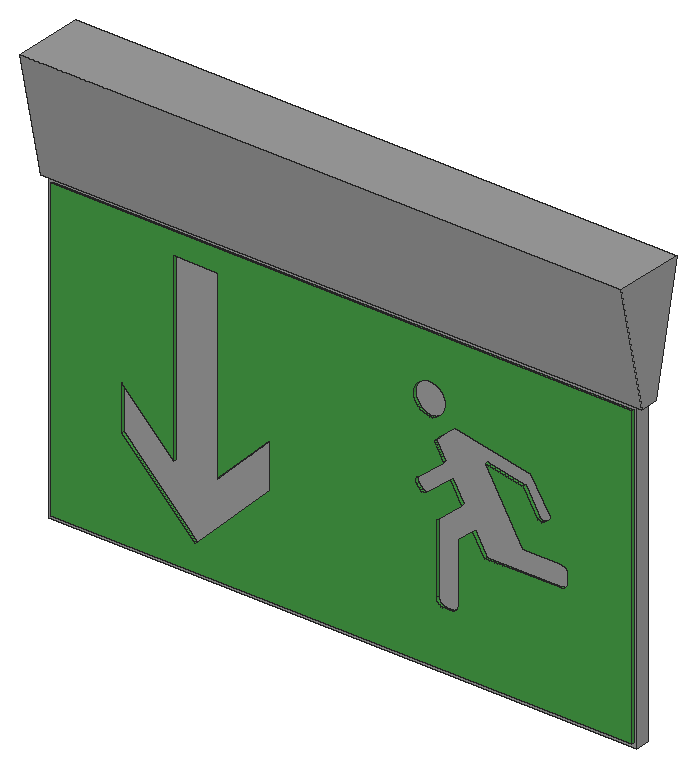
Revit family "ExiLED M ST LED (ned_takmontasje)", category Lighting Fixtures, Revit 2013
Parameters (values of type "44m")
  Width Top = 53 mm
  Width = 10 mm
  Wattage Comments = "17 W"
  Wattage = 9.2903 W
  built-in parameter 1150110 = 1 (stored number, unit not read)
  Voltage = 230 V
  URL = ""
  built-in parameter 1114217 = 1 (stored number, unit not read)
  Tilt Angle = 90.00°
  built-in parameter 1150109 = 1 (stored number, unit not read)
  built-in parameter 1150134 = 3
  Symbol Positive Direction [instance] = yes
  Symbol Offset Side [instance] = 0 mm
  Symbol Offset Out [instance] = 0 mm
  built-in parameter 1150113 = 1 (stored number, unit not read)
  Reference Line Out [instance] = 31.983 mm
  Photometric Web File = "20x42A12.ies"
  Number of Poles = 1
  built-in parameter 1150105 = 109.82 (stored number, unit not read)
  Lumens = 1380 lm
  built-in parameter 1150115 = 1 (stored number, unit not read)
  Load Classification [instance] = Other
  Model = ""
  Manufacturer = ""
  built-in parameter 1150137 = (empty or 0)
  built-in parameter 1150139 = (empty or 0)
  Length = 455 mm
  built-in parameter 1150112 = 1 (stored number, unit not read)
  built-in parameter 1150114 = 1 (stored number, unit not read)
  Lamp = "1"
  built-in parameter 1150132 = (empty or 0)
  built-in parameter 1150102 = (empty or 0)
  built-in parameter 1150107 = 3200 (stored number, unit not read)
  built-in parameter 1150138 = (empty or 0)
  built-in parameter 1150106 = 1.0982 (stored number, unit not read)
  Height 1 = 232 mm
  Height = 322 mm
  built-in parameter 1150127 = Width  # 10 mm
  Emit from Rectangle Length = Length  # 455 mm
  Emit Shape Visible in Rendering = no
  built-in parameter 1150104 = 13.8 (stored number, unit not read)
  Dimming Lamp Color Temperature Shift = <None>
  Description = ""
  Color Filter = 16777215
  Body Material and Colour = Default
  built-in parameter 1114218 = 1 (stored number, unit not read)
  Emit from Rectangle Width = 3048 mm
  Assembly Code = ""
  Apparent Load = 17 VA
  44m = yes
  34m = no
  22m = no
Types (3, lengths in mm): name | Length | Height 1 | Height | Emit from Rectangle Length | 44m | 34m | 22m
  22m | 265 | 132 | 222 | 265 | no | no | yes
  34 m | 365 | 182 | 272 | 365 | no | yes | no
  44m | 455 | 232 | 322 | 455 | yes | no | no
Reference planes
  plane 1 "Light Source Axis (F/B)": y = 119.961
  plane 2 "Top": z = 83
  plane 3 "Light Source Axis (L/R)": x = 0
  plane 4 "Level": z = 0
  plane 5 "Bottom": z = -322
  plane 6: x = -227.5
  plane 7: x = 227.5
  plane 8: y = 124.961
  plane 9: y = 114.961
  plane 10: y = 126.961
  plane 11: y = 112.961
  plane 12: z = -90
  plane 13: y = 146.461
  plane 14: y = 93.461
  plane 15: x = -222.5
  plane 16: x = 222.5
  plane 17: z = -206
Forms (mm)
  Extrusion 1, solid, material "Default" <- "Body Material and Colour"
    sketch origin (0, 0, 0) x (0, 1, 0) y (0, 0, 1)
      loop
        line (124.961, -90) -> (114.961, -90) -> (114.961, -322) -> (124.961, -322) -> (124.961, -90)
    from -222.5 to 222.5
  Extrusion 2, solid, material "Default" <- "Body Material and Colour"
    sketch origin (0, 0, 0) x (0, 1, 0) y (0, 0, 1)
      loop
        line (93.461, 0) -> (112.961, -90) -> (126.961, -90) -> (146.461, 0) -> (93.461, 0)
    from -227.5 to 227.5
Lines and regions (mm)
  model lines, style "InvisibleLines"
    curve 1: line (0, 119.961, 0) -> (0, 151.943, 0)
Dimensions and locks
  "Height": plane 4 "Level" to plane 5 "Bottom"
  equal spacing: plane 6, plane 3 "Light Source Axis (L/R)", plane 7
  "Length": plane 6 to plane 7
  equal spacing: plane 8, plane 1 "Light Source Axis (F/B)", plane 9
  "Width": plane 8 to plane 9
  locked: plane 10 to plane 8 at 2
  locked: plane 9 to plane 11 at 2
  equal spacing: plane 13, plane 1 "Light Source Axis (F/B)", plane 14
  "Width Top": plane 13 to plane 14
  locked: plane 15 to plane 6 at 5
  locked: plane 7 to plane 16 at 5
  "Height 1": plane 12 to plane 5 "Bottom"
  equal spacing: plane 12, plane 17, plane 5 "Bottom"
  "Reference Line Out": plane 1 "Light Source Axis (F/B)" to curve 1
  aligned and locked: plane 4 "Level" to level
  aligned and locked: imposter light to plane 5 "Bottom"
  aligned and locked: plane 9 to Extrusion 1 sketch curve
  aligned and locked: plane 8 to Extrusion 1 sketch curve
  aligned and locked: Extrusion 1 sketch curve to plane 12
  aligned and locked: plane 4 "Level" to Extrusion 2 sketch curve
  aligned and locked: plane 12 to Extrusion 2 sketch curve
  aligned and locked: plane 13 to Extrusion 2 sketch curve
  aligned and locked: plane 14 to Extrusion 2 sketch curve
  aligned and locked: plane 11 to Extrusion 2 sketch curve
  aligned and locked: plane 10 to Extrusion 2 sketch curve
  aligned and locked: Extrusion 2 to plane 6
  aligned and locked: plane 7 to Extrusion 2
  aligned and locked: Extrusion 1 to plane 15
  aligned and locked: Extrusion 1 to plane 16
  aligned and locked: Extrusion 1 to plane 8
  aligned and locked: plane 9 to nested 1
  aligned and locked: plane 17 to nested 1
  aligned and locked: plane 3 "Light Source Axis (L/R)" to nested 1
  aligned and locked: plane 9 to nested 3
  aligned and locked: plane 17 to nested 3
  aligned and locked: nested 3 to plane 3 "Light Source Axis (L/R)"
  aligned and locked: plane 3 "Light Source Axis (L/R)" to nested 4
  aligned and locked: plane 9 to nested 4
  aligned and locked: plane 17 to nested 4
  aligned and locked: plane 8 to nested 5
  aligned and locked: plane 8 to nested 6
  aligned and locked: nested 5 to plane 17
  aligned and locked: nested 6 to plane 17
  aligned and locked: plane 3 "Light Source Axis (L/R)" to nested 7
  aligned and locked: plane 1 "Light Source Axis (F/B)" to nested 7
  aligned and locked: plane 1 "Light Source Axis (F/B)" to curve 1
  aligned and locked: plane 3 "Light Source Axis (L/R)" to curve 1
Automatic sketch dimensions
  Extrusion 1 sketch curve to plane 5 "Bottom" = 0 mm
Nested families
  nested 1: "22m_ned" at (0, 114.961, -206), visible <- "22m", type "22m"
  nested 2: "22m_ned" at (0, 124.961, -156), visible <- "22m", type "22m"
  nested 3: "34m_ned" at (0, 114.961, -206), visible <- "34m", type "34m"
  nested 4: "44m_ned" at (0, 114.961, -206), visible <- "44m", type "44m"
  nested 5: "44m_ned" at (0, 124.961, -206), visible <- "44m", type "44m"
  nested 6: "34m_ned" at (0, 124.961, -206), visible <- "34m", type "34m"
  nested 7: "MarkeringslysTakS" at (0, 119.961, 0), type "Type 1"
Connectors
  electrical at (0, 119.961, 0), driven by "Number of Poles", driven by "Load Classification", driven by "Voltage", driven by "Apparent Load"
    settings: on Extrusion 2, index 1, voltage 230 V, apparent load 0 VA, apparent load phase1 17 VA, apparent load phase2 0 VA, apparent load phase3 0 VA, power factor 1, load classification "Other", number of poles 1, system type 31, power factor state 1, is connector primary yes, connector utility no, sub classification motor no, connector description ""
Definition of nested family "22m_ned"
  Parameters (values of type "22m")
    Material = yes
  Reference planes
    plane 1 "Center (Front/Back)": y = 0
    plane 2: z = 0
    plane 3 "Center (Left/Right)": x = 0
    plane 4: y = -2
  Forms (mm)
    Extrusion 1, solid, material "Green", visible <- "Material"
      sketch origin (0, 0, 0) x (1, 0, 0) y (0, 0, 1)
        loop
          line (-124.5, 63) -> (-124.5, -63) -> (124.5, -63) -> (124.5, 63) -> (-124.5, 63)
        loop
          line (-31.706, -20.589) -> (-31.706, -2.589) -> (-52.706, -23.589) -> (-52.706, 51.411) -> (-70.706, 51.411) -> (-70.706, -23.589) -> (-91.706, -2.589) -> (-91.706, -20.589) -> (-61.706, -50.589) -> (-31.706, -20.589)
        loop
          circle (38.787, 37.911) r 7
        loop
          line (44.52, 25.598) -> (40.87, 21.947) -> (44.963, 14.858) -> (33.34, 5.106)
          arc (33.34, 5.106) -> (32.655, 3.789) -> (33.101, 2.374) r 1.939
          line (33.101, 2.374) -> (34.763, 0.393)
          arc (34.763, 0.393) -> (36.08, -0.292) -> (37.495, 0.154) r 1.939
          line (37.495, 0.154) -> (48.244, 9.174) -> (53.167, 0.649) -> (41.876, -8.825) -> (41.876, -39.679)
          arc (41.876, -39.679) -> (42.823, -41.964) -> (45.108, -42.911) r 3.232
          line (45.108, -42.911) -> (48.339, -42.911)
          arc (48.339, -42.911) -> (50.624, -41.964) -> (51.571, -39.679) r 3.232
          line (51.571, -39.679) -> (51.571, -13.346) -> (58.089, -7.877) -> (63.252, -16.82) -> (96.814, -16.82)
          arc (96.814, -16.82) -> (99.099, -15.873) -> (100.046, -13.588) r 3.232
          line (100.046, -13.588) -> (100.046, -10.356)
          arc (100.046, -10.356) -> (99.099, -8.071) -> (96.814, -7.125) r 3.232
          line (96.814, -7.125) -> (80.044, -7.125) -> (63.768, 21.066) -> (80.585, 17.791) -> (86.643, 7.3)
          arc (86.643, 7.3) -> (87.869, 6.384) -> (89.378, 6.643) r 1.939
          line (89.378, 6.643) -> (91.617, 8.097)
          arc (91.617, 8.097) -> (92.458, 9.32) -> (92.187, 10.78) r 1.939
          line (92.187, 10.78) -> (83.759, 23.758) -> (50.131, 30.306) -> (44.52, 25.598)
      from 0 to 2
  Dimensions and locks
    aligned and locked: level to plane 2
    aligned and locked: plane 4 to Extrusion 1
    aligned and locked: Extrusion 1 to plane 1 "Center (Front/Back)"
    aligned and locked: Extrusion 1 to plane 4
Definition of nested family "34m_ned"
  Parameters (values of type "34m")
    Material = yes
  Reference planes
    plane 1 "Center (Front/Back)": y = 0
    plane 2: z = 0
    plane 3 "Center (Left/Right)": x = 0
    plane 4: y = -2
  Forms (mm)
    Extrusion 1, solid, material "Green", visible <- "Material"
      sketch origin (0, 0, 0) x (1, 0, 0) y (0, 0, 1)
        loop
          line (-177, 88) -> (-177, -88) -> (177, -88) -> (177, 88) -> (-177, 88)
        loop
          line (-46.079, -26.908) -> (-46.079, -1.456) -> (-75.774, -31.15) -> (-75.774, 74.902) -> (-101.226, 74.902) -> (-101.226, -31.15) -> (-130.921, -1.456) -> (-130.921, -26.908) -> (-88.5, -69.329) -> (-46.079, -26.908)
        loop
          circle (59.197, 48.678) r 8.988
        loop
          line (66.559, 32.868) -> (61.872, 28.181) -> (67.127, 19.078) -> (52.204, 6.556)
          arc (52.204, 6.556) -> (51.324, 4.865) -> (51.897, 3.048) r 2.49
          line (51.897, 3.048) -> (54.031, 0.505)
          arc (54.031, 0.505) -> (55.721, -0.375) -> (57.538, 0.198) r 2.49
          line (57.538, 0.198) -> (71.341, 11.78) -> (77.661, 0.833) -> (63.164, -11.332) -> (63.164, -50.949)
          arc (63.164, -50.949) -> (64.379, -53.883) -> (67.313, -55.098) r 4.149
          line (67.313, -55.098) -> (71.463, -55.098)
          arc (71.463, -55.098) -> (74.397, -53.883) -> (75.612, -50.949) r 4.149
          line (75.612, -50.949) -> (75.612, -17.137) -> (83.981, -10.114) -> (90.611, -21.597) -> (133.705, -21.597)
          arc (133.705, -21.597) -> (136.639, -20.381) -> (137.855, -17.447) r 4.149
          line (137.855, -17.447) -> (137.855, -13.298)
          arc (137.855, -13.298) -> (136.639, -10.364) -> (133.705, -9.148) r 4.149
          line (133.705, -9.148) -> (112.172, -9.148) -> (91.274, 27.049) -> (112.867, 22.844) -> (120.645, 9.373)
          arc (120.645, 9.373) -> (122.22, 8.197) -> (124.157, 8.53) r 2.49
          line (124.157, 8.53) -> (127.032, 10.397)
          arc (127.032, 10.397) -> (128.111, 11.967) -> (127.764, 13.841) r 2.49
          line (127.764, 13.841) -> (116.942, 30.506) -> (73.764, 38.913) -> (66.559, 32.868)
      from 0 to 2
  Dimensions and locks
    aligned and locked: level to plane 2
    aligned and locked: plane 4 to Extrusion 1
    aligned and locked: Extrusion 1 to plane 1 "Center (Front/Back)"
    aligned and locked: Extrusion 1 to plane 4
Definition of nested family "44m_ned"
  Parameters (values of type "44m")
    Material = yes
  Reference planes
    plane 1 "Center (Front/Back)": y = 0
    plane 2: z = 0
    plane 3 "Center (Left/Right)": x = 0
    plane 4: y = -2
  Forms (mm)
    Extrusion 1, solid, material "Green", visible <- "Material"
      sketch origin (0, 0, 0) x (1, 0, 0) y (0, 0, 1)
        loop
          line (-220, 113) -> (-220, -113) -> (220, -113) -> (220, 113) -> (-220, 113)
        loop
          line (-54.118, -37.314) -> (-54.118, -3.785) -> (-93.235, -42.902) -> (-93.235, 96.803) -> (-126.765, 96.803) -> (-126.765, -42.902) -> (-165.882, -3.785) -> (-165.882, -37.314) -> (-110, -93.197) -> (-54.118, -37.314)
        loop
          circle (67.228, 67.449) r 11.972
        loop
          line (77.034, 46.391) -> (70.791, 40.147) -> (77.791, 28.022) -> (57.913, 11.343)
          arc (57.913, 11.343) -> (56.741, 9.091) -> (57.504, 6.671) r 3.316
          line (57.504, 6.671) -> (60.347, 3.284)
          arc (60.347, 3.284) -> (62.598, 2.112) -> (65.019, 2.875) r 3.316
          line (65.019, 2.875) -> (83.403, 18.301) -> (91.822, 3.72) -> (72.512, -12.483) -> (72.512, -65.252)
          arc (72.512, -65.252) -> (74.13, -69.16) -> (78.039, -70.779) r 5.527
          line (78.039, -70.779) -> (83.566, -70.779)
          arc (83.566, -70.779) -> (87.474, -69.16) -> (89.093, -65.252) r 5.527
          line (89.093, -65.252) -> (89.093, -20.215) -> (100.24, -10.861) -> (109.071, -26.156) -> (166.471, -26.156)
          arc (166.471, -26.156) -> (170.38, -24.537) -> (171.998, -20.629) r 5.527
          line (171.998, -20.629) -> (171.998, -15.102)
          arc (171.998, -15.102) -> (170.38, -11.193) -> (166.471, -9.575) r 5.527
          line (166.471, -9.575) -> (137.79, -9.575) -> (109.954, 38.64) -> (138.715, 33.039) -> (149.075, 15.096)
          arc (149.075, 15.096) -> (151.173, 13.529) -> (153.753, 13.972) r 3.316
          line (153.753, 13.972) -> (157.583, 16.459)
          arc (157.583, 16.459) -> (159.021, 18.551) -> (158.558, 21.047) r 3.316
          line (158.558, 21.047) -> (144.143, 43.244) -> (86.631, 54.443) -> (77.034, 46.391)
      from 0 to 2
  Dimensions and locks
    aligned and locked: level to plane 2
    aligned and locked: plane 4 to Extrusion 1
    aligned and locked: Extrusion 1 to plane 1 "Center (Front/Back)"
    aligned and locked: Extrusion 1 to plane 4
Definition of nested family "MarkeringslysTakS"
  Parameters (values of type "Type 1")
    CQ Symbol Positive Direction = yes
    CQ Symbol Negative Direction = not(CQ Symbol Positive Direction)  # no
    CQ Symbol Offset Side = 0 mm
    CQ Symbol Offset Out = 0 mm
  Reference planes
    plane 1: y = 0
    plane 2: x = 0
  Dimensions and locks
    "CQ Symbol Offset Out": plane 1 to nested 1
    "CQ Symbol Offset Out": plane 1 to nested 2
    "CQ Symbol Offset Side": plane 2 to nested 2
    "CQ Symbol Offset Side": nested 1 to plane 2
  Nested families
    nested 1: "LedelysSub" at (0, 0, 0), visible <- "CQ Symbol Negative Direction", type "Type 1"
    nested 2: "LedelysSub" at (0, 0, 0), visible <- "CQ Symbol Positive Direction", type "Type 1"
  Definition of nested family "LedelysSub"
    Reference planes
      plane 1: y = 0
      plane 2: x = 0
    Lines and regions (mm)
      Filled region 1, type "Filled region 1"
        outline origin (64.576, 51.459, 0) x (1, 0, 0) y (0, 1, 0)
          loop
            arc (-65.575, -52.307) -> (-65.224, -51.459) -> (-65.575, -50.61) r 1.2
            line (-65.575, -50.61) -> (-66.424, -51.459) -> (-65.575, -52.307)
      Filled region 2, type "Filled region 1"
        outline origin (-68.271, 51.459, 0) x (0, 1, 0) y (-1, 0, 0)
          loop
            line (-52.307, -65.575) -> (-51.459, -66.424) -> (-50.61, -65.575)
            arc (-50.61, -65.575) -> (-51.459, -65.224) -> (-52.307, -65.575) r 1.2
      detail lines
        curve 1: line (-4, -2, 0) -> (4, -2, 0)
        curve 2: line (4, -2, 0) -> (4, 2, 0)
        curve 3: line (4, 2, 0) -> (-4, 2, 0)
        curve 4: line (-4, 2, 0) -> (-4, -2, 0)
        curve 5: line (-3.097, -1.25, 0) -> (-0.597, 1.25, 0)
        curve 6: line (-3.097, 1.25, 0) -> (-0.597, -1.25, 0)
        curve 7: circle (-1.847, 0, 0) r 1.2 normal (0, 0, 1)
    Text (mm)
      text "ML" at (2.179, 1.025, 0)
    Dimensions and locks
      aligned and locked: Filled region 1 sketch curve to curve 7
